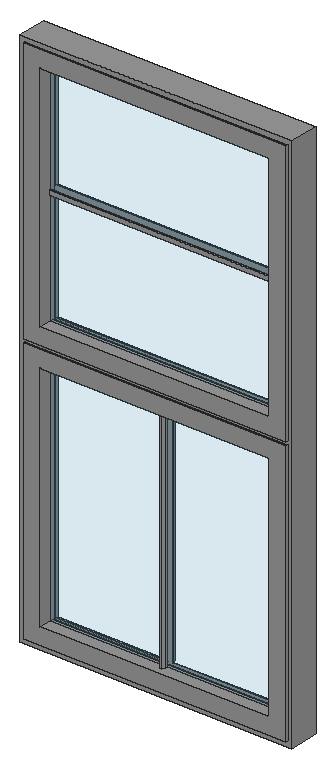
Revit family "Kawneer_Window_GT70s_Pos0081", category Windows, host Wall, Revit 2020 (continued)
Definition of nested family "Kawneer_GT70s_Pos008"
  Definition of nested family "Kawneer_GT70s_Trans8"
    Lines and regions (mm)
      model lines, in view "Ref. Level", detail levels fine
        curve 200: arc (10.872, -4.384, 0) -> (11.761, -3.647, 0) -> (12.094, -2.542, 0) r 2
        curve 201: arc (5.2, -55.901, 0) -> (5.141, -55.76, 0) -> (5, -55.701, 0) r 0.2
        curve 202: arc (5.2, -57.001, 0) -> (5.259, -57.143, 0) -> (5.4, -57.201, 0) r 0.2
        curve 203: arc (5.6, -57.401, 0) -> (5.541, -57.26, 0) -> (5.4, -57.201, 0) r 0.2
        curve 204: arc (5.4, -68.901, 0) -> (5.541, -68.843, 0) -> (5.6, -68.701, 0) r 0.2
        curve 205: arc (5.4, -68.901, 0) -> (5.259, -68.96, 0) -> (5.2, -69.101, 0) r 0.2
        curve 206: arc (5, -70.401, 0) -> (5.141, -70.343, 0) -> (5.2, -70.201, 0) r 0.2
        curve 207: arc (3.9, -70.401, 0) -> (3.759, -70.46, 0) -> (3.7, -70.601, 0) r 0.2
        curve 208: arc (3.5, -70.801, 0) -> (3.641, -70.743, 0) -> (3.7, -70.601, 0) r 0.2
        curve 209: arc (-3.7, -70.601, 0) -> (-3.641, -70.743, 0) -> (-3.5, -70.801, 0) r 0.2
        curve 210: arc (-3.7, -70.601, 0) -> (-3.759, -70.46, 0) -> (-3.9, -70.401, 0) r 0.2
        curve 211: arc (-5.2, -70.201, 0) -> (-5.141, -70.343, 0) -> (-5, -70.401, 0) r 0.2
        curve 212: arc (-5.2, -69.201, 0) -> (-5.259, -69.06, 0) -> (-5.4, -69.001, 0) r 0.2
        curve 213: arc (-5.6, -68.801, 0) -> (-5.541, -68.943, 0) -> (-5.4, -69.001, 0) r 0.2
        curve 214: arc (-5.4, -57.101, 0) -> (-5.541, -57.16, 0) -> (-5.6, -57.301, 0) r 0.2
        curve 215: arc (-5.4, -57.101, 0) -> (-5.259, -57.043, 0) -> (-5.2, -56.901, 0) r 0.2
        curve 216: arc (-5, -55.701, 0) -> (-5.141, -55.76, 0) -> (-5.2, -55.901, 0) r 0.2
        curve 217: arc (-3.9, -55.701, 0) -> (-3.759, -55.643, 0) -> (-3.7, -55.501, 0) r 0.2
        curve 218: arc (-3.5, -55.301, 0) -> (-3.641, -55.36, 0) -> (-3.7, -55.501, 0) r 0.2
        curve 219: arc (3.7, -55.501, 0) -> (3.641, -55.36, 0) -> (3.5, -55.301, 0) r 0.2
        curve 220: arc (3.7, -55.501, 0) -> (3.759, -55.643, 0) -> (3.9, -55.701, 0) r 0.2
        curve 221: arc (-13.686, -78.352, 0) -> (-13.94, -78.24, 0) -> (-14.214, -78.201, 0) r 1
        curve 222: arc (-25, -77.701, 0) -> (-24.854, -78.055, 0) -> (-24.5, -78.201, 0) r 0.5
        curve 223: arc (-24.5, -73.301, 0) -> (-24.854, -73.448, 0) -> (-25, -73.801, 0) r 0.5
        curve 224: arc (25, -73.801, 0) -> (24.854, -73.448, 0) -> (24.5, -73.301, 0) r 0.5
        curve 225: arc (24.5, -78.201, 0) -> (24.854, -78.055, 0) -> (25, -77.701, 0) r 0.5
        curve 226: arc (14.214, -78.201, 0) -> (13.686, -78.352, 0) -> (13.318, -78.758, 0) r 1
        curve 227: arc (3.386, -98.201, 0) -> (3.65, -98.126, 0) -> (3.835, -97.923, 0) r 0.5
        curve 228: arc (-3.835, -97.923, 0) -> (-3.65, -98.126, 0) -> (-3.386, -98.201, 0) r 0.5
        curve 229: arc (-13.318, -78.758, 0) -> (-13.474, -78.529, 0) -> (-13.686, -78.352, 0) r 1
        curve 230: arc (25.5, -80.201, 0) -> (26.561, -79.762, 0) -> (27, -78.701, 0) r 1.5
        curve 231: arc (27, -68.701, 0) -> (26.854, -68.348, 0) -> (26.5, -68.201, 0) r 0.5
        curve 232: arc (25, -68.201, 0) -> (24.646, -68.348, 0) -> (24.5, -68.701, 0) r 0.5
        curve 233: arc (24.5, -69.001, 0) -> (24.559, -69.143, 0) -> (24.7, -69.201, 0) r 0.2
        curve 234: arc (25.8, -69.701, 0) -> (25.654, -69.348, 0) -> (25.3, -69.201, 0) r 0.5
        curve 235: arc (25.3, -70.801, 0) -> (25.654, -70.655, 0) -> (25.8, -70.301, 0) r 0.5
        curve 236: arc (20.2, -70.301, 0) -> (20.346, -70.655, 0) -> (20.7, -70.801, 0) r 0.5
        curve 237: arc (20.7, -69.201, 0) -> (20.346, -69.348, 0) -> (20.2, -69.701, 0) r 0.5
        curve 238: arc (21.3, -69.201, 0) -> (21.441, -69.143, 0) -> (21.5, -69.001, 0) r 0.2
        curve 239: arc (21.5, -68.701, 0) -> (21.354, -68.348, 0) -> (21, -68.201, 0) r 0.5
        curve 240: arc (17.9, -68.201, 0) -> (17.5, -68.601, 0) -> (17.9, -69.001, 0) r 0.4
        curve 241: arc (19, -69.201, 0) -> (18.941, -69.06, 0) -> (18.8, -69.001, 0) r 0.2
        curve 242: arc (18.5, -70.601, 0) -> (18.854, -70.455, 0) -> (19, -70.101, 0) r 0.5
        curve 243: arc (7, -69.901, 0) -> (7.146, -70.255, 0) -> (7.5, -70.401, 0) r 0.5
        curve 244: arc (7.5, -55.901, 0) -> (7.146, -56.048, 0) -> (7, -56.401, 0) r 0.5
        curve 245: arc (10.5, -56.101, 0) -> (10.441, -55.96, 0) -> (10.3, -55.901, 0) r 0.2
        curve 246: arc (10.5, -57.301, 0) -> (10.559, -57.443, 0) -> (10.7, -57.501, 0) r 0.2
        curve 247: arc (10.7, -57.501, 0) -> (11.266, -57.267, 0) -> (11.5, -56.701, 0) r 0.8
        curve 248: arc (11.5, -53.501, 0) -> (11, -53.001, 0) -> (10.5, -53.501, 0) r 0.5
        curve 249: arc (10.2, -54.401, 0) -> (10.412, -54.313, 0) -> (10.5, -54.101, 0) r 0.3
        curve 250: arc (7, -53.701, 0) -> (7.205, -54.196, 0) -> (7.7, -54.401, 0) r 0.7
        curve 251: arc (7, -50.835, 0) -> (6.85, -50.575, 0) -> (6.55, -50.575, 0) r 0.3
        curve 252: arc (4.82, -51.574, 0) -> (4.712, -51.835, 0) -> (4.973, -51.943, 0) r 0.2
        curve 253: arc (5.402, -53.701, 0) -> (5.568, -53.612, 0) -> (5.587, -53.425, 0) r 0.2
        curve 254: arc (1.6, -53.501, 0) -> (1.659, -53.643, 0) -> (1.8, -53.701, 0) r 0.2
        curve 255: arc (2.385, -51.601, 0) -> (2.585, -51.401, 0) -> (2.385, -51.201, 0) r 0.2
        curve 256: arc (2.039, -51.201, 0) -> (1.121, -51.345, 0) -> (0.291, -51.763, 0) r 3
        curve 257: arc (-0.291, -51.763, 0) -> (0, -51.856, 0) -> (0.291, -51.763, 0) r 0.5
        curve 258: arc (-0.291, -51.763, 0) -> (-1.121, -51.345, 0) -> (-2.039, -51.201, 0) r 3
        curve 259: arc (-2.385, -51.201, 0) -> (-2.585, -51.401, 0) -> (-2.385, -51.601, 0) r 0.2
        curve 260: arc (-1.8, -53.701, 0) -> (-1.659, -53.643, 0) -> (-1.6, -53.501, 0) r 0.2
        curve 261: arc (-5.587, -53.425, 0) -> (-5.568, -53.612, 0) -> (-5.402, -53.701, 0) r 0.2
        curve 262: arc (-4.973, -51.943, 0) -> (-4.712, -51.835, 0) -> (-4.82, -51.574, 0) r 0.2
        curve 263: arc (-6.55, -50.575, 0) -> (-6.85, -50.575, 0) -> (-7, -50.835, 0) r 0.3
        curve 264: arc (-7.7, -54.401, 0) -> (-7.205, -54.196, 0) -> (-7, -53.701, 0) r 0.7
        curve 265: arc (-10.5, -54.101, 0) -> (-10.412, -54.313, 0) -> (-10.2, -54.401, 0) r 0.3
        curve 266: arc (-10.5, -53.501, 0) -> (-11, -53.001, 0) -> (-11.5, -53.501, 0) r 0.5
        curve 267: arc (-11.5, -56.701, 0) -> (-11.266, -57.267, 0) -> (-10.7, -57.501, 0) r 0.8
        curve 268: arc (-10.7, -57.501, 0) -> (-10.559, -57.443, 0) -> (-10.5, -57.301, 0) r 0.2
        curve 269: arc (-10.3, -55.901, 0) -> (-10.441, -55.96, 0) -> (-10.5, -56.101, 0) r 0.2
        curve 270: arc (-7, -56.401, 0) -> (-7.146, -56.048, 0) -> (-7.5, -55.901, 0) r 0.5
        curve 271: arc (-7.5, -70.401, 0) -> (-7.146, -70.255, 0) -> (-7, -69.901, 0) r 0.5
        curve 272: arc (-19, -70.101, 0) -> (-18.854, -70.455, 0) -> (-18.5, -70.601, 0) r 0.5
        curve 273: arc (-18.8, -69.001, 0) -> (-18.941, -69.06, 0) -> (-19, -69.201, 0) r 0.2
        curve 274: arc (-17.9, -69.001, 0) -> (-17.5, -68.601, 0) -> (-17.9, -68.201, 0) r 0.4
        curve 275: arc (-21, -68.201, 0) -> (-21.354, -68.348, 0) -> (-21.5, -68.701, 0) r 0.5
        curve 276: arc (-21.5, -69.001, 0) -> (-21.441, -69.143, 0) -> (-21.3, -69.201, 0) r 0.2
        curve 277: arc (-20.2, -69.701, 0) -> (-20.346, -69.348, 0) -> (-20.7, -69.201, 0) r 0.5
        curve 278: arc (-20.7, -70.801, 0) -> (-20.346, -70.655, 0) -> (-20.2, -70.301, 0) r 0.5
        curve 279: arc (-25.8, -70.301, 0) -> (-25.654, -70.655, 0) -> (-25.3, -70.801, 0) r 0.5
        curve 280: arc (-25.3, -69.201, 0) -> (-25.654, -69.348, 0) -> (-25.8, -69.701, 0) r 0.5
        curve 281: arc (-24.7, -69.201, 0) -> (-24.559, -69.143, 0) -> (-24.5, -69.001, 0) r 0.2
        curve 282: arc (-24.5, -68.701, 0) -> (-24.646, -68.348, 0) -> (-25, -68.201, 0) r 0.5
        curve 283: arc (-26.5, -68.201, 0) -> (-26.854, -68.348, 0) -> (-27, -68.701, 0) r 0.5
        curve 284: arc (-27, -78.701, 0) -> (-26.561, -79.762, 0) -> (-25.5, -80.201, 0) r 1.5
        curve 285: arc (-14.997, -80.286, 0) -> (-15.13, -80.223, 0) -> (-15.275, -80.201, 0) r 0.5
        curve 286: arc (-14.813, -80.51, 0) -> (-14.889, -80.384, 0) -> (-14.997, -80.286, 0) r 0.5
        curve 287: arc (-5.051, -104.078, 0) -> (-4.977, -104.168, 0) -> (-4.866, -104.201, 0) r 0.2
        curve 288: arc (4.866, -104.201, 0) -> (4.977, -104.168, 0) -> (5.051, -104.078, 0) r 0.2
        curve 289: arc (15.275, -80.201, 0) -> (14.997, -80.286, 0) -> (14.813, -80.51, 0) r 0.5
        curve 290: arc (41.999, -70, 0) -> (42.037, -70.191, 0) -> (42.146, -70.354, 0) r 0.5
        curve 291: arc (41.999, -67.8, 0) -> (41.413, -66.386, 0) -> (39.999, -65.8, 0) r 2
        curve 292: arc (35.099, -65.6, 0) -> (35.158, -65.741, 0) -> (35.299, -65.8, 0) r 0.2
        curve 293: arc (35.299, -58.4, 0) -> (35.158, -58.459, 0) -> (35.099, -58.6, 0) r 0.2
        curve 294: arc (45.499, -58.6, 0) -> (45.441, -58.459, 0) -> (45.299, -58.4, 0) r 0.2
        curve 295: arc (44.999, -70.5, 0) -> (45.353, -70.354, 0) -> (45.499, -70, 0) r 0.5
        curve 296: arc (42.146, -70.354, 0) -> (42.308, -70.462, 0) -> (42.499, -70.5, 0) r 0.5
        curve 297: arc (39.499, -70.5, 0) -> (39.308, -70.538, 0) -> (39.146, -70.646, 0) r 0.5
        curve 298: arc (39.146, -70.646, 0) -> (39.037, -70.809, 0) -> (38.999, -71, 0) r 0.5
        curve 299: arc (38.999, -71.5, 0) -> (39.146, -71.854, 0) -> (39.499, -72, 0) r 0.5
        curve 300: arc (66.499, -72, 0) -> (66.853, -71.854, 0) -> (66.999, -71.5, 0) r 0.5
        curve 301: arc (66.999, -68.5, 0) -> (66.853, -68.146, 0) -> (66.499, -68, 0) r 0.5
        curve 302: arc (64.999, -68, 0) -> (64.646, -68.146, 0) -> (64.499, -68.5, 0) r 0.5
        curve 303: arc (64.499, -68.8, 0) -> (64.558, -68.941, 0) -> (64.699, -69, 0) r 0.2
        curve 304: arc (65.799, -69.5, 0) -> (65.653, -69.146, 0) -> (65.299, -69, 0) r 0.5
        curve 305: arc (65.299, -70.6, 0) -> (65.653, -70.454, 0) -> (65.799, -70.1, 0) r 0.5
        curve 306: arc (60.199, -70.1, 0) -> (60.346, -70.454, 0) -> (60.699, -70.6, 0) r 0.5
        curve 307: arc (60.699, -69, 0) -> (60.346, -69.146, 0) -> (60.199, -69.5, 0) r 0.5
        curve 308: arc (61.299, -69, 0) -> (61.441, -68.941, 0) -> (61.499, -68.8, 0) r 0.2
        curve 309: arc (61.499, -68.5, 0) -> (61.353, -68.146, 0) -> (60.999, -68, 0) r 0.5
        curve 310: arc (57.899, -68, 0) -> (57.499, -68.4, 0) -> (57.899, -68.8, 0) r 0.4
        curve 311: arc (58.999, -69, 0) -> (58.941, -68.859, 0) -> (58.799, -68.8, 0) r 0.2
        curve 312: arc (58.499, -70.4, 0) -> (58.853, -70.254, 0) -> (58.999, -69.9, 0) r 0.5
        curve 313: arc (46.999, -69.711, 0) -> (47.142, -70.061, 0) -> (47.488, -70.211, 0) r 0.5
        curve 314: arc (46.999, -53.933, 0) -> (46.849, -53.673, 0) -> (46.549, -53.673, 0) r 0.3
        curve 315: arc (44.819, -54.672, 0) -> (44.711, -54.934, 0) -> (44.972, -55.042, 0) r 0.2
        curve 316: arc (45.401, -56.8, 0) -> (45.567, -56.711, 0) -> (45.586, -56.523, 0) r 0.2
        curve 317: arc (41.6, -56.581, 0) -> (41.651, -56.735, 0) -> (41.799, -56.8, 0) r 0.2
        curve 318: arc (42.386, -54.698, 0) -> (42.615, -54.515, 0) -> (42.415, -54.3, 0) r 0.2
        curve 319: arc (42.038, -54.3, 0) -> (40.86, -54.541, 0) -> (39.871, -55.225, 0) r 3
        curve 320: arc (38.427, -55.225, 0) -> (39.149, -55.533, 0) -> (39.871, -55.225, 0) r 1
        curve 321: arc (38.427, -55.225, 0) -> (37.438, -54.541, 0) -> (36.26, -54.3, 0) r 3
        curve 322: arc (35.883, -54.3, 0) -> (35.684, -54.515, 0) -> (35.913, -54.698, 0) r 0.2
        curve 323: arc (36.495, -56.8, 0) -> (36.639, -56.743, 0) -> (36.699, -56.6, 0) r 0.2
        curve 324: arc (32.713, -56.523, 0) -> (32.732, -56.713, 0) -> (32.901, -56.8, 0) r 0.2
        curve 325: arc (33.326, -55.042, 0) -> (33.588, -54.934, 0) -> (33.479, -54.672, 0) r 0.2
        curve 326: arc (31.749, -53.673, 0) -> (31.449, -53.673, 0) -> (31.299, -53.933, 0) r 0.3
        curve 327: arc (31.13, -57.426, 0) -> (31.251, -57.359, 0) -> (31.299, -57.228, 0) r 0.2
        curve 328: arc (30.262, -57.588, 0) -> (30.145, -57.657, 0) -> (30.099, -57.785, 0) r 0.2
        curve 329: arc (30.099, -58.4, 0) -> (30.158, -58.541, 0) -> (30.299, -58.6, 0) r 0.2
        curve 330: arc (33.599, -59.1, 0) -> (33.453, -58.746, 0) -> (33.099, -58.6, 0) r 0.5
        curve 331: arc (33.099, -65.8, 0) -> (33.453, -65.654, 0) -> (33.599, -65.3, 0) r 0.5
        curve 332: arc (31.699, -65.8, 0) -> (31.346, -65.946, 0) -> (31.199, -66.3, 0) r 0.5
        curve 333: arc (31.199, -66.8, 0) -> (31.346, -67.154, 0) -> (31.699, -67.3, 0) r 0.5
        curve 334: arc (40.499, -67.8, 0) -> (40.353, -67.446, 0) -> (39.999, -67.3, 0) r 0.5
        curve 335: arc (39.999, -70.5, 0) -> (40.353, -70.354, 0) -> (40.499, -70, 0) r 0.5
        curve 336: arc (30, 6.5, 0) -> (29.859, 6.441, 0) -> (29.8, 6.3, 0) r 0.2
        curve 337: arc (45.2, 6.3, 0) -> (45.141, 6.441, 0) -> (45, 6.5, 0) r 0.2
        curve 338: arc (45.2, 5.187, 0) -> (45.242, 5.065, 0) -> (45.35, 4.994, 0) r 0.2
        curve 339: arc (45.5, 4.8, 0) -> (45.458, 4.922, 0) -> (45.35, 4.994, 0) r 0.2
        curve 340: arc (45.35, -18.506, 0) -> (45.458, -18.435, 0) -> (45.5, -18.313, 0) r 0.2
        curve 341: arc (45.35, -18.506, 0) -> (45.242, -18.578, 0) -> (45.2, -18.7, 0) r 0.2
        curve 342: arc (45, -20, 0) -> (45.141, -19.941, 0) -> (45.2, -19.8, 0) r 0.2
        curve 343: arc (43.873, -20, 0) -> (43.773, -20.027, 0) -> (43.7, -20.1, 0) r 0.2
        curve 344: arc (43.527, -20.2, 0) -> (43.627, -20.173, 0) -> (43.7, -20.1, 0) r 0.2
        curve 345: arc (31.8, -20.1, 0) -> (31.858, -20.172, 0) -> (31.947, -20.2, 0) r 0.16
        curve 346: arc (31.8, -20.1, 0) -> (31.727, -20.027, 0) -> (31.627, -20, 0) r 0.2
        curve 347: arc (29.8, -19.8, 0) -> (29.859, -19.941, 0) -> (30, -20, 0) r 0.2
        curve 348: arc (8, 8, 0) -> (6.586, 7.414, 0) -> (6, 6, 0) r 2
        curve 349: arc (6, 4.5, 0) -> (6.146, 4.146, 0) -> (6.5, 4, 0) r 0.5
        curve 350: arc (7.926, 4.001, 0) -> (8.263, 4.156, 0) -> (8.4, 4.5, 0) r 0.5
        curve 351: arc (8.4, 4.8, 0) -> (8.341, 4.941, 0) -> (8.2, 5, 0) r 0.2
        curve 352: arc (7.2, 5.5, 0) -> (7.346, 5.146, 0) -> (7.7, 5, 0) r 0.5
        curve 353: arc (7.7, 6.6, 0) -> (7.346, 6.454, 0) -> (7.2, 6.1, 0) r 0.5
        curve 354: arc (12.3, 6.1, 0) -> (12.154, 6.454, 0) -> (11.8, 6.6, 0) r 0.5
        curve 355: arc (11.8, 5, 0) -> (12.154, 5.146, 0) -> (12.3, 5.5, 0) r 0.5
        curve 356: arc (11.5, 5, 0) -> (11.359, 4.941, 0) -> (11.3, 4.8, 0) r 0.2
        curve 357: arc (11.3, 4.5, 0) -> (11.446, 4.146, 0) -> (11.8, 4, 0) r 0.5
        curve 358: arc (12.626, 4.001, 0) -> (12.963, 4.156, 0) -> (13.1, 4.5, 0) r 0.5
        curve 359: arc (13.6, 6.2, 0) -> (13.246, 6.054, 0) -> (13.1, 5.7, 0) r 0.5
        curve 360: arc (28, 4.7, 0) -> (27.561, 5.761, 0) -> (26.5, 6.2, 0) r 1.5
        curve 361: arc (27.5, 2, 0) -> (27.854, 2.146, 0) -> (28, 2.5, 0) r 0.5
        curve 362: arc (24, 2, 0) -> (23.646, 1.854, 0) -> (23.5, 1.5, 0) r 0.5
        curve 363: arc (23.5, -2, 0) -> (23.646, -2.354, 0) -> (24, -2.5, 0) r 0.5
        curve 364: arc (24.5, -2.5, 0) -> (24.854, -2.354, 0) -> (25, -2, 0) r 0.5
        curve 365: arc (25.5, 0, 0) -> (25.146, -0.146, 0) -> (25, -0.5, 0) r 0.5
        curve 366: arc (28.154, -0.26, 0) -> (28.112, 0.112, 0) -> (27.74, 0.154, 0) r 0.3
        curve 367: arc (28.154, -0.26, 0) -> (28.039, -0.515, 0) -> (28, -0.793, 0) r 1
        curve 368: arc (28, -19.207, 0) -> (28.039, -19.485, 0) -> (28.154, -19.74, 0) r 1
        curve 369: arc (27.74, -20.154, 0) -> (28.112, -20.112, 0) -> (28.154, -19.74, 0) r 0.3
        curve 370: arc (27.74, -20.154, 0) -> (27.485, -20.039, 0) -> (27.207, -20, 0) r 1
        curve 371: arc (25, -19.5, 0) -> (25.146, -19.854, 0) -> (25.5, -20, 0) r 0.5
        curve 372: arc (25, -18, 0) -> (24.854, -17.646, 0) -> (24.5, -17.5, 0) r 0.5
        curve 373: arc (24, -17.5, 0) -> (23.646, -17.646, 0) -> (23.5, -18, 0) r 0.5
        curve 374: arc (23.5, -21.5, 0) -> (23.646, -21.854, 0) -> (24, -22, 0) r 0.5
        curve 375: arc (29.654, -22, 0) -> (29.754, -21.973, 0) -> (29.827, -21.9, 0) r 0.2
        curve 376: arc (30, -21.8, 0) -> (29.9, -21.827, 0) -> (29.827, -21.9, 0) r 0.2
        curve 377: arc (31.3, -22.3, 0) -> (31.154, -21.946, 0) -> (30.8, -21.8, 0) r 0.5
        curve 378: arc (31.3, -24.667, 0) -> (31.45, -24.927, 0) -> (31.75, -24.927, 0) r 0.3
        curve 379: arc (33.48, -23.928, 0) -> (33.588, -23.666, 0) -> (33.327, -23.558, 0) r 0.2
        curve 380: arc (32.899, -21.8, 0) -> (32.732, -21.889, 0) -> (32.713, -22.077, 0) r 0.2
        curve 381: arc (36.7, -22.001, 0) -> (36.642, -21.859, 0) -> (36.5, -21.8, 0) r 0.2
        curve 382: arc (35.914, -23.902, 0) -> (35.684, -24.085, 0) -> (35.884, -24.3, 0) r 0.2
        curve 383: arc (36.261, -24.3, 0) -> (37.439, -24.059, 0) -> (38.428, -23.375, 0) r 3
        curve 384: arc (39.872, -23.375, 0) -> (39.15, -23.067, 0) -> (38.428, -23.375, 0) r 1
        curve 385: arc (39.872, -23.375, 0) -> (40.861, -24.059, 0) -> (42.039, -24.3, 0) r 3
        curve 386: arc (42.416, -24.3, 0) -> (42.615, -24.082, 0) -> (42.381, -23.903, 0) r 0.2
        curve 387: arc (41.8, -21.8, 0) -> (41.659, -21.859, 0) -> (41.6, -22, 0) r 0.2
        curve 388: arc (45.586, -22.077, 0) -> (45.568, -21.889, 0) -> (45.402, -21.8, 0) r 0.2
        curve 389: arc (44.973, -23.558, 0) -> (44.712, -23.666, 0) -> (44.82, -23.928, 0) r 0.2
        curve 390: arc (46.55, -24.927, 0) -> (46.85, -24.927, 0) -> (47, -24.667, 0) r 0.3
        curve 391: arc (47.5, -10, 0) -> (47.146, -10.146, 0) -> (47, -10.5, 0) r 0.5
        curve 392: arc (50.8, -10, 0) -> (51.507, -9.707, 0) -> (51.8, -9, 0) r 1
        curve 393: arc (51.8, -7.839, 0) -> (51.526, -6.884, 0) -> (50.787, -6.22, 0) r 1.8
        curve 394: arc (50.787, -6.22, 0) -> (50.594, -6.23, 0) -> (50.5, -6.4, 0) r 0.2
        curve 395: arc (50, -8.3, 0) -> (50.354, -8.154, 0) -> (50.5, -7.8, 0) r 0.5
        curve 396: arc (47, -7.8, 0) -> (47.146, -8.154, 0) -> (47.5, -8.3, 0) r 0.5
        curve 397: arc (47.5, 6.2, 0) -> (47.146, 6.054, 0) -> (47, 5.7, 0) r 0.5
        curve 398: arc (50.5, 5.7, 0) -> (50.354, 6.054, 0) -> (50, 6.2, 0) r 0.5
        curve 399: arc (50.5, 4, 0) -> (50.589, 3.833, 0) -> (50.778, 3.816, 0) r 0.2
        curve 400: arc (50.739, 3.8, 0) -> (51.655, 4.536, 0) -> (52, 5.658, 0) r 2
        curve 401: arc (52, 7, 0) -> (51.707, 7.707, 0) -> (51, 8, 0) r 1
        curve 402: arc (45.303, -48.516, 0) -> (45.488, -43.91, 0) -> (45.55, -39.3, 0) r 172.47
        curve 403: arc (44.605, -50.286, 0) -> (45.098, -49.458, 0) -> (45.303, -48.516, 0) r 3.002
        curve 404: arc (43.22, -51.936, 0) -> (42.699, -52.839, 0) -> (42.519, -53.867, 0) r 2.996
        curve 405: arc (42.451, -54.576, 0) -> (42.501, -54.457, 0) -> (42.519, -54.329, 0) r 0.5
        curve 406: arc (41.6, -56.6, 0) -> (41.659, -56.741, 0) -> (41.8, -56.8, 0) r 0.2
        curve 407: arc (42.821, -56.8, 0) -> (43.08, -56.65, 0) -> (43.08, -56.35, 0) r 0.3
        curve 408: arc (44.12, -56.35, 0) -> (43.6, -55.45, 0) -> (43.08, -56.35, 0) r 0.6
        curve 409: arc (44.12, -56.35, 0) -> (44.12, -56.65, 0) -> (44.379, -56.8, 0) r 0.3
        curve 410: arc (45.2, -56.8, 0) -> (45.341, -56.741, 0) -> (45.4, -56.6, 0) r 0.2
        curve 411: arc (45.645, -53.201, 0) -> (45.114, -53.72, 0) -> (44.897, -54.429, 0) r 1.5
        curve 412: arc (46.45, -52.736, 0) -> (46.816, -52.37, 0) -> (46.95, -51.87, 0) r 1
        curve 413: arc (46.95, -26.73, 0) -> (46.816, -26.23, 0) -> (46.45, -25.864, 0) r 1
        curve 414: arc (44.897, -24.171, 0) -> (45.114, -24.88, 0) -> (45.645, -25.399, 0) r 1.5
        curve 415: arc (45.4, -22, 0) -> (45.341, -21.859, 0) -> (45.2, -21.8, 0) r 0.2
        curve 416: arc (44.379, -21.8, 0) -> (44.12, -21.95, 0) -> (44.12, -22.25, 0) r 0.3
        curve 417: arc (43.08, -22.25, 0) -> (43.6, -23.15, 0) -> (44.12, -22.25, 0) r 0.6
        curve 418: arc (43.08, -22.25, 0) -> (43.08, -21.95, 0) -> (42.821, -21.8, 0) r 0.3
        curve 419: arc (41.764, -21.803, 0) -> (41.66, -21.813, 0) -> (41.6, -21.9, 0) r 0.124
        curve 420: arc (42.519, -24.271, 0) -> (42.502, -24.144, 0) -> (42.452, -24.026, 0) r 0.5
        curve 421: arc (42.519, -24.737, 0) -> (42.672, -25.773, 0) -> (43.221, -26.665, 0) r 2.599
        curve 422: arc (45.303, -30.083, 0) -> (45.095, -29.143, 0) -> (44.605, -28.315, 0) r 3.049
        curve 423: arc (45.536, -37.094, 0) -> (45.455, -33.587, 0) -> (45.303, -30.083, 0) r 172.05
        curve 424: arc (45.036, -37.6, 0) -> (45.392, -37.451, 0) -> (45.536, -37.094, 0) r 0.5
        curve 425: arc (36.75, -37.6, 0) -> (36.326, -37.776, 0) -> (36.15, -38.2, 0) r 0.6
        curve 426: arc (36.15, -38.2, 0) -> (36.326, -38.624, 0) -> (36.75, -38.8, 0) r 0.6
        curve 427: arc (45.55, -39.3, 0) -> (45.404, -38.946, 0) -> (45.05, -38.8, 0) r 0.5
        curve 428: arc (25.347, -45.299, 0) -> (25.787, -46.359, 0) -> (26.847, -46.799, 0) r 1.5
        curve 429: arc (26.347, -37.899, 0) -> (25.64, -38.192, 0) -> (25.347, -38.899, 0) r 1
        curve 430: arc (30.727, -38.311, 0) -> (30.372, -38.008, 0) -> (29.918, -37.899, 0) r 1
        curve 431: arc (32.047, -40.454, 0) -> (31.998, -40.145, 0) -> (31.856, -39.866, 0) r 1
        curve 432: arc (30.547, -46.799, 0) -> (31.608, -46.359, 0) -> (32.047, -45.299, 0) r 1.5
        curve 433: arc (30.323, -37.199, 0) -> (30.706, -37.123, 0) -> (31.03, -36.906, 0) r 1
        curve 434: arc (25.347, -36.199, 0) -> (25.64, -36.906, 0) -> (26.347, -37.199, 0) r 1
        curve 435: arc (26.847, -28.299, 0) -> (25.787, -28.738, 0) -> (25.347, -29.799, 0) r 1.5
        curve 436: arc (32.047, -29.799, 0) -> (31.608, -28.738, 0) -> (30.547, -28.299, 0) r 1.5
        curve 437: arc (31.754, -36.182, 0) -> (31.971, -35.857, 0) -> (32.047, -35.474, 0) r 1
        curve 438: arc (31.347, -48.799, 0) -> (31.054, -48.092, 0) -> (30.347, -47.799, 0) r 1
        curve 439: arc (31.347, -51.87, 0) -> (31.481, -52.37, 0) -> (31.847, -52.736, 0) r 1
        curve 440: arc (33.401, -54.429, 0) -> (33.183, -53.72, 0) -> (32.652, -53.201, 0) r 1.5
        curve 441: arc (32.897, -56.6, 0) -> (32.956, -56.741, 0) -> (33.097, -56.8, 0) r 0.2
        curve 442: arc (33.918, -56.8, 0) -> (34.178, -56.65, 0) -> (34.178, -56.35, 0) r 0.3
        curve 443: arc (35.217, -56.35, 0) -> (34.697, -55.448, 0) -> (34.178, -56.35, 0) r 0.601
        curve 444: arc (35.217, -56.35, 0) -> (35.217, -56.65, 0) -> (35.477, -56.8, 0) r 0.3
        curve 445: arc (36.497, -56.8, 0) -> (36.639, -56.741, 0) -> (36.697, -56.6, 0) r 0.2
        curve 446: arc (35.778, -54.33, 0) -> (35.796, -54.456, 0) -> (35.845, -54.574, 0) r 0.5
        curve 447: arc (35.778, -53.863, 0) -> (35.598, -52.838, 0) -> (35.077, -51.936, 0) r 2.996
        curve 448: arc (33.047, -48.425, 0) -> (33.228, -49.451, 0) -> (33.749, -50.353, 0) r 3
        curve 449: arc (33.547, -40.999, 0) -> (33.194, -41.145, 0) -> (33.047, -41.499, 0) r 0.5
        curve 450: arc (41.347, -40.999, 0) -> (41.947, -40.399, 0) -> (41.347, -39.799, 0) r 0.6
        curve 451: arc (32.894, -39.593, 0) -> (33.071, -39.744, 0) -> (33.298, -39.799, 0) r 0.5
        curve 452: arc (32.549, -36.86, 0) -> (31.974, -37.65, 0) -> (32.176, -38.605, 0) r 1.2
        curve 453: arc (32.549, -36.86, 0) -> (32.914, -36.493, 0) -> (33.047, -35.993, 0) r 1
        curve 454: arc (33.749, -28.247, 0) -> (33.229, -29.148, 0) -> (33.047, -30.173, 0) r 3
        curve 455: arc (35.077, -26.664, 0) -> (35.598, -25.762, 0) -> (35.778, -24.737, 0) r 2.996
        curve 456: arc (35.845, -24.026, 0) -> (35.796, -24.144, 0) -> (35.778, -24.27, 0) r 0.5
        curve 457: arc (36.697, -22, 0) -> (36.639, -21.859, 0) -> (36.497, -21.8, 0) r 0.2
        curve 458: arc (35.482, -21.8, 0) -> (35.218, -21.948, 0) -> (35.217, -22.25, 0) r 0.3
        curve 459: arc (34.178, -22.25, 0) -> (34.697, -23.173, 0) -> (35.217, -22.25, 0) r 0.608
        curve 460: arc (34.178, -22.25, 0) -> (34.178, -21.95, 0) -> (33.918, -21.8, 0) r 0.3
        curve 461: arc (33.097, -21.8, 0) -> (32.956, -21.859, 0) -> (32.897, -22, 0) r 0.2
        curve 462: arc (32.652, -25.399, 0) -> (33.183, -24.88, 0) -> (33.401, -24.171, 0) r 1.5
        curve 463: arc (31.847, -25.864, 0) -> (31.508, -26.186, 0) -> (31.353, -26.626, 0) r 1
        curve 464: arc (30.607, -27.299, 0) -> (31.109, -27.106, 0) -> (31.353, -26.626, 0) r 0.75
        curve 465: arc (25.847, -27.299, 0) -> (24.787, -27.738, 0) -> (24.347, -28.799, 0) r 1.5
        curve 466: arc (24.347, -47.299, 0) -> (24.494, -47.652, 0) -> (24.847, -47.799, 0) r 0.5
        curve 467: arc (11.073, -47.848, 0) -> (10.911, -47.74, 0) -> (10.72, -47.702, 0) r 0.5
        curve 468: arc (9.93, -47.702, 0) -> (9.543, -47.886, 0) -> (9.44, -48.302, 0) r 0.5
        curve 469: arc (9.44, -48.302, 0) -> (9.787, -48.877, 0) -> (10.42, -49.102, 0) r 1
        curve 470: arc (10.72, -49.102, 0) -> (11.073, -48.956, 0) -> (11.22, -48.602, 0) r 0.5
        curve 471: arc (11.22, -48.202, 0) -> (11.182, -48.011, 0) -> (11.073, -47.848, 0) r 0.5
        curve 472: arc (11.22, -50.264, 0) -> (11.073, -49.911, 0) -> (10.72, -49.764, 0) r 0.5
        curve 473: arc (10.42, -49.764, 0) -> (10.066, -49.911, 0) -> (9.92, -50.264, 0) r 0.5
        curve 474: arc (9.92, -50.664, 0) -> (10.066, -51.018, 0) -> (10.42, -51.164, 0) r 0.5
        curve 475: arc (10.72, -51.164, 0) -> (11.073, -51.018, 0) -> (11.22, -50.664, 0) r 0.5
        curve 476: arc (10.367, -46.737, 0) -> (11.153, -47.121, 0) -> (11.7, -46.438, 0) r 0.7
        curve 477: arc (11.951, -45.085, 0) -> (11.778, -45.12, 0) -> (11.7, -45.279, 0) r 0.2
        curve 478: arc (12.919, -45.727, 0) -> (12.488, -45.326, 0) -> (11.951, -45.085, 0) r 1.8
        curve 479: arc (13.294, -46.826, 0) -> (13.197, -46.246, 0) -> (12.919, -45.727, 0) r 1.8
        curve 480: arc (13.429, -48.371, 0) -> (14.199, -49.78, 0) -> (15.757, -50.168, 0) r 2
        curve 481: arc (25.743, -48.466, 0) -> (25.926, -48.317, 0) -> (25.69, -48.295, 0) r 0.127
        curve 482: arc (21.349, -48.288, 0) -> (21.358, -48.839, 0) -> (21.867, -49.048, 0) r 0.5
        curve 483: arc (23.457, -47.133, 0) -> (22.255, -47.441, 0) -> (21.349, -48.288, 0) r 2.5
        curve 484: arc (27.021, -48.978, 0) -> (27.446, -47.855, 0) -> (26.486, -47.133, 0) r 1
        curve 485: arc (17.686, -53.647, 0) -> (22.397, -51.727, 0) -> (26.78, -49.145, 0) r 35
        curve 486: arc (11.75, -55.3, 0) -> (11.833, -55.462, 0) -> (12.012, -55.49, 0) r 0.2
        curve 487: arc (11.75, -52.433, 0) -> (11.074, -51.733, 0) -> (10.352, -52.387, 0) r 0.7
        curve 488: arc (7.25, -51.458, 0) -> (7.291, -51.608, 0) -> (7.4, -51.718, 0) r 0.3
        curve 489: arc (8.056, -50.238, 0) -> (7.653, -49.835, 0) -> (7.25, -50.238, 0) r 0.403
        curve 490: arc (8.056, -50.444, 0) -> (8.381, -50.769, 0) -> (8.706, -50.444, 0) r 0.325
        curve 491: arc (8.706, -49.731, 0) -> (8.616, -49.444, 0) -> (8.378, -49.261, 0) r 0.5
        curve 492: arc (7.394, -47.853, 0) -> (7.664, -48.712, 0) -> (8.378, -49.261, 0) r 1.5
        curve 493: arc (7.538, -47.364, 0) -> (7.432, -47.473, 0) -> (7.394, -47.62, 0) r 0.3
        curve 494: arc (9.464, 5.601, 0) -> (9.329, 5.548, 0) -> (9.264, 5.418, 0) r 0.2
        curve 495: arc (10.336, 5.418, 0) -> (10.271, 5.548, 0) -> (10.136, 5.601, 0) r 0.2
        curve 496: arc (10.25, 3.901, 0) -> (10.397, 3.966, 0) -> (10.449, 4.118, 0) r 0.2
        curve 497: arc (9.151, 4.118, 0) -> (9.203, 3.965, 0) -> (9.35, 3.901, 0) r 0.2
        curve 498: arc (6.525, 1.547, 0) -> (6.777, 1.016, 0) -> (7.324, 0.801, 0) r 0.8
        curve 499: arc (6.538, 2.818, 0) -> (6.507, 2.183, 0) -> (6.525, 1.547, 0) r 8.2
        curve 500: arc (6.737, 3.001, 0) -> (6.602, 2.948, 0) -> (6.538, 2.818, 0) r 0.2
        curve 501: arc (10.968, 2.808, 0) -> (11.029, 2.92, 0) -> (10.93, 3.001, 0) r 0.1
        curve 502: arc (8.354, 2.797, 0) -> (9.662, 2.548, 0) -> (10.968, 2.808, 0) r 3.48
        curve 503: arc (8.354, 2.797, 0) -> (7.438, 2.623, 0) -> (7.212, 1.718, 0) r 0.866
        curve 504: arc (7.212, 1.718, 0) -> (7.472, 1.279, 0) -> (7.888, 0.984, 0) r 1.222
        curve 505: arc (11.951, 1.423, 0) -> (11.642, 1.905, 0) -> (11.16, 1.597, 0) r 0.405
        curve 506: arc (10.268, 0.809, 0) -> (10.842, 1.058, 0) -> (11.16, 1.597, 0) r 1.009
        curve 507: arc (9.74, 0.822, 0) -> (10.004, 0.8, 0) -> (10.268, 0.809, 0) r 2.275
        curve 508: arc (9.23, 0.955, 0) -> (9.481, 0.873, 0) -> (9.74, 0.822, 0) r 2.275
        curve 509: arc (7.962, 1.851, 0) -> (8.541, 1.326, 0) -> (9.23, 0.955, 0) r 3.222
        curve 510: arc (8.107, 2.057, 0) -> (7.954, 2.011, 0) -> (7.962, 1.851, 0) r 0.13
        curve 511: arc (8.107, 2.057, 0) -> (10.85, 1.942, 0) -> (13.093, 3.524, 0) r 4.258
        curve 512: arc (13.093, 3.524, 0) -> (13.117, 3.837, 0) -> (12.85, 4.001, 0) r 0.3
        curve 513: arc (11.25, 4.201, 0) -> (11.309, 4.059, 0) -> (11.45, 4.001, 0) r 0.2
        curve 514: arc (11.685, 5.377, 0) -> (11.847, 5.54, 0) -> (11.75, 5.747, 0) r 0.2
        curve 515: arc (7.85, 5.747, 0) -> (7.753, 5.54, 0) -> (7.915, 5.377, 0) r 0.2
        curve 516: arc (8.15, 4.001, 0) -> (8.291, 4.059, 0) -> (8.35, 4.201, 0) r 0.2
        curve 517: arc (6.15, 4.001, 0) -> (5.958, 3.931, 0) -> (5.855, 3.754, 0) r 0.3
        curve 518: arc (5.855, 3.754, 0) -> (5.721, 2.624, 0) -> (5.728, 1.486, 0) r 9.161
        curve 519: arc (5.728, 1.486, 0) -> (6.232, 0.426, 0) -> (7.324, -0.005, 0) r 1.6
        curve 520: arc (10.194, -0.005, 0) -> (11.321, 0.402, 0) -> (11.951, 1.423, 0) r 1.819
        curve 521: arc (22.55, -67.9, 0) -> (22.402, -67.965, 0) -> (22.35, -68.117, 0) r 0.2
        curve 522: arc (23.549, -68.117, 0) -> (23.497, -67.965, 0) -> (23.35, -67.9, 0) r 0.2
        curve 523: arc (23.236, -69.6, 0) -> (23.371, -69.547, 0) -> (23.435, -69.417, 0) r 0.2
        curve 524: arc (24.636, -69.913, 0) -> (24.789, -69.47, 0) -> (24.466, -69.131, 0) r 0.45
        curve 525: arc (24.65, -68, 0) -> (24.438, -68.088, 0) -> (24.35, -68.3, 0) r 0.3
        curve 526: arc (27.348, -68.324, 0) -> (27.269, -68.097, 0) -> (27.049, -68, 0) r 0.3
        curve 527: arc (27.35, -72, 0) -> (28.176, -71.752, 0) -> (28.729, -71.09, 0) r 1.5
        curve 528: arc (30.697, -69.376, 0) -> (29.517, -70.008, 0) -> (28.729, -71.09, 0) r 3
        curve 529: arc (34.58, -68.317, 0) -> (34.941, -67.746, 0) -> (34.403, -67.337, 0) r 0.5
        curve 530: arc (28.842, -67.35, 0) -> (29.022, -67.686, 0) -> (29.385, -67.798, 0) r 0.5
        curve 531: arc (28.842, -67.35, 0) -> (28.356, -66.388, 0) -> (27.35, -66, 0) r 1.5
        curve 532: arc (20.35, -66, 0) -> (19.289, -66.439, 0) -> (18.85, -67.5, 0) r 1.5
        curve 533: arc (21.55, -68.3, 0) -> (21.462, -68.088, 0) -> (21.25, -68, 0) r 0.3
        curve 534: arc (18.262, -29.302, 0) -> (18.399, -29.046, 0) -> (18.371, -28.757, 0) r 0.5
        curve 535: arc (13.103, -33.254, 0) -> (13.412, -33.715, 0) -> (13.957, -33.607, 0) r 0.5
        curve 536: arc (13.603, -28.448, 0) -> (13.25, -28.595, 0) -> (13.103, -28.948, 0) r 0.5
        curve 537: arc (18.371, -28.757, 0) -> (18.187, -28.532, 0) -> (17.909, -28.448, 0) r 0.5
        curve 538: arc (13.603, -38.789, 0) -> (13.25, -38.936, 0) -> (13.103, -39.289, 0) r 0.5
        curve 539: arc (18.409, -39.289, 0) -> (18.262, -38.936, 0) -> (17.909, -38.789, 0) r 0.5
        curve 540: arc (17.909, -41.454, 0) -> (18.262, -41.308, 0) -> (18.409, -40.954, 0) r 0.5
        curve 541: arc (13.103, -40.954, 0) -> (13.25, -41.308, 0) -> (13.603, -41.454, 0) r 0.5
        curve 542: arc (17.909, -37.289, 0) -> (18.1, -37.251, 0) -> (18.262, -37.143, 0) r 0.5
        curve 543: arc (13.25, -36.436, 0) -> (13.141, -36.98, 0) -> (13.603, -37.289, 0) r 0.5
        curve 544: arc (18.409, -32.484, 0) -> (18.1, -32.022, 0) -> (17.555, -32.13, 0) r 0.5
        curve 545: arc (18.262, -37.143, 0) -> (18.371, -36.98, 0) -> (18.409, -36.789, 0) r 0.5
        curve 546: arc (20.492, -35.571, 0) -> (20.159, -35.374, 0) -> (19.909, -35.67, 0) r 0.3
        curve 547: arc (20.492, -35.571, 0) -> (20.547, -35.654, 0) -> (20.635, -35.7, 0) r 0.2
        curve 548: arc (22.04, -36.033, 0) -> (22.395, -35.831, 0) -> (22.218, -35.462, 0) r 0.3
        curve 549: arc (19.909, -34.443, 0) -> (19.948, -34.547, 0) -> (20.036, -34.614, 0) r 0.2
        curve 550: arc (20.492, -29.071, 0) -> (20.168, -28.873, 0) -> (19.909, -29.15, 0) r 0.3
        curve 551: arc (20.492, -29.071, 0) -> (20.547, -29.154, 0) -> (20.635, -29.2, 0) r 0.2
        curve 552: arc (22.04, -29.533, 0) -> (22.395, -29.331, 0) -> (22.218, -28.962, 0) r 0.3
        curve 553: arc (19.909, -27.93, 0) -> (19.944, -28.041, 0) -> (20.036, -28.114, 0) r 0.2
        curve 554: arc (19.909, -27.93, 0) -> (19.604, -27.222, 0) -> (18.887, -26.942, 0) r 1
        curve 555: arc (11.997, -26.665, 0) -> (12.322, -26.881, 0) -> (12.706, -26.957, 0) r 1
        curve 556: arc (11.703, -25.957, 0) -> (11.78, -26.34, 0) -> (11.997, -26.665, 0) r 1
        curve 557: arc (11.703, -20.051, 0) -> (11.557, -19.698, 0) -> (11.203, -19.551, 0) r 0.5
        curve 558: arc (10.403, -19.251, 0) -> (10.491, -19.463, 0) -> (10.703, -19.551, 0) r 0.3
        curve 559: arc (10.403, -18.051, 0) -> (10.257, -17.698, 0) -> (9.903, -17.551, 0) r 0.5
        curve 560: arc (9.092, -17.551, 0) -> (8.84, -17.619, 0) -> (8.657, -17.805, 0) r 0.5
        curve 561: arc (7.168, -20.43, 0) -> (7.12, -20.549, 0) -> (7.103, -20.676, 0) r 0.5
        curve 562: arc (7.103, -22.041, 0) -> (7.25, -22.395, 0) -> (7.603, -22.541, 0) r 0.5
        curve 563: arc (8.603, -23.041, 0) -> (8.457, -22.688, 0) -> (8.103, -22.541, 0) r 0.5
        curve 564: arc (8.103, -26.046, 0) -> (8.457, -25.899, 0) -> (8.603, -25.546, 0) r 0.5
        curve 565: arc (7.635, -26.047, 0) -> (7.252, -26.19, 0) -> (7.104, -26.571, 0) r 0.5
        curve 566: arc (7.103, -27.677, 0) -> (7.201, -27.974, 0) -> (7.457, -28.155, 0) r 0.5
        curve 567: arc (11.603, -30.902, 0) -> (11.211, -29.713, 0) -> (10.188, -28.99, 0) r 2
        curve 568: arc (10.647, -34.395, 0) -> (11.326, -34.088, 0) -> (11.603, -33.396, 0) r 1
        curve 569: arc (7.582, -34.529, 0) -> (7.242, -34.683, 0) -> (7.103, -35.029, 0) r 0.5
        curve 570: arc (7.103, -36.071, 0) -> (7.242, -36.417, 0) -> (7.582, -36.571, 0) r 0.5
        curve 571: arc (11.603, -37.704, 0) -> (11.326, -37.012, 0) -> (10.647, -36.705, 0) r 1
        curve 572: arc (10.603, -41.551, 0) -> (11.31, -41.258, 0) -> (11.603, -40.551, 0) r 1
        curve 573: arc (8.153, -41.551, 0) -> (7.689, -41.867, 0) -> (7.811, -42.415, 0) r 0.5
        curve 574: arc (9.511, -44.015, 0) -> (9.99, -44.132, 0) -> (10.336, -43.781, 0) r 0.5
        curve 575: arc (10.789, -42.951, 0) -> (10.606, -43.013, 0) -> (10.499, -43.174, 0) r 0.3
        curve 576: arc (18.409, -43.451, 0) -> (18.262, -43.098, 0) -> (17.909, -42.951, 0) r 0.5
        curve 577: arc (18.409, -44.201, 0) -> (19.159, -44.951, 0) -> (19.909, -44.201, 0) r 0.75
        curve 578: arc (20.159, -41.874, 0) -> (19.98, -41.977, 0) -> (19.909, -42.17, 0) r 0.3
        curve 579: arc (20.492, -42.071, 0) -> (20.361, -41.912, 0) -> (20.159, -41.874, 0) r 0.3
        curve 580: arc (20.492, -42.071, 0) -> (20.547, -42.154, 0) -> (20.635, -42.2, 0) r 0.2
        curve 581: arc (22.04, -42.533, 0) -> (22.395, -42.331, 0) -> (22.218, -41.962, 0) r 0.3
        curve 582: arc (19.909, -40.927, 0) -> (19.944, -41.04, 0) -> (20.036, -41.114, 0) r 0.2
        curve 583: arc (46.9, -41.9, 0) -> (51.515, -48.041, 0) -> (58.95, -46.113, 0) r 6.903
        curve 584: arc (58.95, -32.595, 0) -> (53.045, -29.906, 0) -> (46.9, -31.99, 0) r 8.809
        curve 585: arc (67, 7.5, 0) -> (66.854, 7.854, 0) -> (66.5, 8, 0) r 0.5
        curve 586: arc (66.5, -31.9, 0) -> (66.854, -31.754, 0) -> (67, -31.4, 0) r 0.5
        curve 587: arc (64.7, -31.4, 0) -> (64.846, -31.754, 0) -> (65.2, -31.9, 0) r 0.5
        curve 588: arc (65.2, -30.4, 0) -> (64.846, -30.546, 0) -> (64.7, -30.9, 0) r 0.5
        curve 589: arc (65.3, -30.4, 0) -> (65.654, -30.254, 0) -> (65.8, -29.9, 0) r 0.5
        curve 590: arc (65.8, -6.7, 0) -> (65.654, -6.346, 0) -> (65.3, -6.2, 0) r 0.5
        curve 591: arc (49.85, -6.2, 0) -> (49.665, -6.323, 0) -> (49.709, -6.541, 0) r 0.2
        curve 592: arc (50.25, -7.8, 0) -> (50.391, -7.741, 0) -> (50.45, -7.6, 0) r 0.2
        curve 593: arc (49.534, -7.733, 0) -> (49.655, -7.783, 0) -> (49.784, -7.8, 0) r 0.5
        curve 594: arc (48.356, -5.1, 0) -> (47.481, -5.772, 0) -> (47.903, -6.792, 0) r 0.906
        curve 595: arc (64.744, -5.1, 0) -> (65.458, -4.801, 0) -> (65.744, -4.082, 0) r 1
        curve 596: arc (65.576, 5.08, 0) -> (65.11, 6.089, 0) -> (64.078, 6.5, 0) r 1.5
        curve 597: arc (55.933, 6.5, 0) -> (55.683, 6.433, 0) -> (55.5, 6.25, 0) r 0.5
        curve 598: arc (52.238, 2.6, 0) -> (53.238, 2.868, 0) -> (53.97, 3.6, 0) r 2
        curve 599: arc (49.205, 3.454, 0) -> (49.097, 2.909, 0) -> (49.559, 2.6, 0) r 0.5
        curve 600: arc (50.188, 4.012, 0) -> (49.976, 4.1, 0) -> (49.764, 4.012, 0) r 0.3
        curve 601: arc (50.283, 3.917, 0) -> (50.413, 3.83, 0) -> (50.566, 3.8, 0) r 0.4
        curve 602: arc (52.123, 3.8, 0) -> (52.623, 3.934, 0) -> (52.989, 4.3, 0) r 1
        curve 603: arc (53.999, 6.05, 0) -> (53.999, 6.55, 0) -> (53.566, 6.8, 0) r 0.5
        curve 604: arc (52.2, 7, 0) -> (52.259, 6.859, 0) -> (52.4, 6.8, 0) r 0.2
        curve 605: arc (52.7, 8, 0) -> (52.346, 7.854, 0) -> (52.2, 7.5, 0) r 0.5
        curve 606: arc (64.397, -68.865, 0) -> (64.441, -69.029, 0) -> (64.594, -69.1, 0) r 0.2
        curve 607: arc (64.914, -69.415, 0) -> (64.928, -69.208, 0) -> (64.75, -69.1, 0) r 0.2
        curve 608: arc (64.33, -70.1, 0) -> (64.422, -70.077, 0) -> (64.494, -70.015, 0) r 0.2
        curve 609: arc (63.592, -70, 0) -> (63.665, -70.073, 0) -> (63.765, -70.1, 0) r 0.2
        curve 610: arc (63.173, -69.274, 0) -> (63, -69.174, 0) -> (62.827, -69.274, 0) r 0.2
        curve 611: arc (62.235, -70.1, 0) -> (62.335, -70.073, 0) -> (62.408, -70, 0) r 0.2
        curve 612: arc (61.506, -70.015, 0) -> (61.578, -70.077, 0) -> (61.67, -70.1, 0) r 0.2
        curve 613: arc (61.25, -69.1, 0) -> (61.073, -69.207, 0) -> (61.086, -69.415, 0) r 0.2
        curve 614: arc (61.406, -69.1, 0) -> (61.559, -69.029, 0) -> (61.603, -68.865, 0) r 0.2
        curve 615: arc (59.211, -67.817, 0) -> (59.275, -67.947, 0) -> (59.41, -68, 0) r 0.2
        curve 616: arc (59.034, -65, 0) -> (58.886, -65.065, 0) -> (58.835, -65.217, 0) r 0.2
        curve 617: arc (60.94, -65.148, 0) -> (60.868, -65.041, 0) -> (60.747, -65, 0) r 0.2
        curve 618: arc (61.101, -65.752, 0) -> (61.173, -65.859, 0) -> (61.295, -65.9, 0) r 0.2
        curve 619: arc (64.706, -65.9, 0) -> (64.827, -65.858, 0) -> (64.899, -65.752, 0) r 0.2
        curve 620: arc (65.253, -65, 0) -> (65.132, -65.041, 0) -> (65.06, -65.148, 0) r 0.2
        curve 621: arc (67.165, -65.217, 0) -> (67.114, -65.065, 0) -> (66.966, -65, 0) r 0.2
        curve 622: arc (66.59, -68, 0) -> (66.725, -67.947, 0) -> (66.789, -67.817, 0) r 0.2
        curve 623: arc (-42.146, -70.354, 0) -> (-42.037, -70.191, 0) -> (-41.999, -70, 0) r 0.5
        curve 624: arc (-39.999, -65.8, 0) -> (-41.413, -66.386, 0) -> (-41.999, -67.8, 0) r 2
        curve 625: arc (-35.299, -65.8, 0) -> (-35.158, -65.741, 0) -> (-35.099, -65.6, 0) r 0.2
        curve 626: arc (-35.099, -58.6, 0) -> (-35.158, -58.459, 0) -> (-35.299, -58.4, 0) r 0.2
        curve 627: arc (-45.299, -58.4, 0) -> (-45.441, -58.459, 0) -> (-45.499, -58.6, 0) r 0.2
        curve 628: arc (-45.499, -70, 0) -> (-45.353, -70.354, 0) -> (-44.999, -70.5, 0) r 0.5
        curve 629: arc (-42.499, -70.5, 0) -> (-42.308, -70.462, 0) -> (-42.146, -70.354, 0) r 0.5
        curve 630: arc (-39.146, -70.646, 0) -> (-39.308, -70.538, 0) -> (-39.499, -70.5, 0) r 0.5
        curve 631: arc (-38.999, -71, 0) -> (-39.037, -70.809, 0) -> (-39.146, -70.646, 0) r 0.5
        curve 632: arc (-39.499, -72, 0) -> (-39.146, -71.854, 0) -> (-38.999, -71.5, 0) r 0.5
        curve 633: arc (-66.999, -71.5, 0) -> (-66.853, -71.854, 0) -> (-66.499, -72, 0) r 0.5
        curve 634: arc (-66.499, -68, 0) -> (-66.853, -68.146, 0) -> (-66.999, -68.5, 0) r 0.5
        curve 635: arc (-64.499, -68.5, 0) -> (-64.646, -68.146, 0) -> (-64.999, -68, 0) r 0.5
        curve 636: arc (-64.699, -69, 0) -> (-64.558, -68.941, 0) -> (-64.499, -68.8, 0) r 0.2
        curve 637: arc (-65.299, -69, 0) -> (-65.653, -69.146, 0) -> (-65.799, -69.5, 0) r 0.5
        curve 638: arc (-65.799, -70.1, 0) -> (-65.653, -70.454, 0) -> (-65.299, -70.6, 0) r 0.5
        curve 639: arc (-60.699, -70.6, 0) -> (-60.346, -70.454, 0) -> (-60.199, -70.1, 0) r 0.5
        curve 640: arc (-60.199, -69.5, 0) -> (-60.346, -69.146, 0) -> (-60.699, -69, 0) r 0.5
        curve 641: arc (-61.499, -68.8, 0) -> (-61.441, -68.941, 0) -> (-61.299, -69, 0) r 0.2
        curve 642: arc (-60.999, -68, 0) -> (-61.353, -68.146, 0) -> (-61.499, -68.5, 0) r 0.5
        curve 643: arc (-57.899, -68.8, 0) -> (-57.499, -68.4, 0) -> (-57.899, -68, 0) r 0.4
        curve 644: arc (-58.799, -68.8, 0) -> (-58.941, -68.859, 0) -> (-58.999, -69, 0) r 0.2
        curve 645: arc (-58.999, -69.9, 0) -> (-58.853, -70.254, 0) -> (-58.499, -70.4, 0) r 0.5
        curve 646: arc (-47.488, -70.211, 0) -> (-47.142, -70.061, 0) -> (-46.999, -69.711, 0) r 0.5
        curve 647: arc (-46.549, -53.673, 0) -> (-46.849, -53.673, 0) -> (-46.999, -53.933, 0) r 0.3
        curve 648: arc (-44.972, -55.042, 0) -> (-44.711, -54.934, 0) -> (-44.819, -54.672, 0) r 0.2
        curve 649: arc (-45.586, -56.523, 0) -> (-45.567, -56.711, 0) -> (-45.401, -56.8, 0) r 0.2
        curve 650: arc (-41.799, -56.8, 0) -> (-41.651, -56.735, 0) -> (-41.6, -56.581, 0) r 0.2
        curve 651: arc (-42.415, -54.3, 0) -> (-42.615, -54.515, 0) -> (-42.386, -54.698, 0) r 0.2
        curve 652: arc (-39.871, -55.225, 0) -> (-40.86, -54.541, 0) -> (-42.038, -54.3, 0) r 3
        curve 653: arc (-39.871, -55.225, 0) -> (-39.149, -55.533, 0) -> (-38.427, -55.225, 0) r 1
        curve 654: arc (-36.26, -54.3, 0) -> (-37.438, -54.541, 0) -> (-38.427, -55.225, 0) r 3
        curve 655: arc (-35.913, -54.698, 0) -> (-35.684, -54.515, 0) -> (-35.883, -54.3, 0) r 0.2
        curve 656: arc (-36.699, -56.6, 0) -> (-36.639, -56.743, 0) -> (-36.495, -56.8, 0) r 0.2
        curve 657: arc (-32.901, -56.8, 0) -> (-32.732, -56.713, 0) -> (-32.713, -56.523, 0) r 0.2
        curve 658: arc (-33.479, -54.672, 0) -> (-33.588, -54.934, 0) -> (-33.326, -55.042, 0) r 0.2
        curve 659: arc (-31.299, -53.933, 0) -> (-31.449, -53.673, 0) -> (-31.749, -53.673, 0) r 0.3
        curve 660: arc (-31.299, -57.228, 0) -> (-31.251, -57.359, 0) -> (-31.13, -57.426, 0) r 0.2
        curve 661: arc (-30.099, -57.785, 0) -> (-30.145, -57.657, 0) -> (-30.262, -57.588, 0) r 0.2
        curve 662: arc (-30.299, -58.6, 0) -> (-30.158, -58.541, 0) -> (-30.099, -58.4, 0) r 0.2
        curve 663: arc (-33.099, -58.6, 0) -> (-33.453, -58.746, 0) -> (-33.599, -59.1, 0) r 0.5
        curve 664: arc (-33.599, -65.3, 0) -> (-33.453, -65.654, 0) -> (-33.099, -65.8, 0) r 0.5
        curve 665: arc (-31.199, -66.3, 0) -> (-31.346, -65.946, 0) -> (-31.699, -65.8, 0) r 0.5
        curve 666: arc (-31.699, -67.3, 0) -> (-31.346, -67.154, 0) -> (-31.199, -66.8, 0) r 0.5
        curve 667: arc (-39.999, -67.3, 0) -> (-40.353, -67.446, 0) -> (-40.499, -67.8, 0) r 0.5
        curve 668: arc (-40.499, -70, 0) -> (-40.353, -70.354, 0) -> (-39.999, -70.5, 0) r 0.5
        curve 669: arc (-29.8, 6.3, 0) -> (-29.859, 6.441, 0) -> (-30, 6.5, 0) r 0.2
        curve 670: arc (-45, 6.5, 0) -> (-45.141, 6.441, 0) -> (-45.2, 6.3, 0) r 0.2
        curve 671: arc (-45.35, 4.994, 0) -> (-45.242, 5.065, 0) -> (-45.2, 5.187, 0) r 0.2
        curve 672: arc (-45.35, 4.994, 0) -> (-45.458, 4.922, 0) -> (-45.5, 4.8, 0) r 0.2
        curve 673: arc (-45.5, -18.313, 0) -> (-45.458, -18.435, 0) -> (-45.35, -18.506, 0) r 0.2
        curve 674: arc (-45.2, -18.7, 0) -> (-45.242, -18.578, 0) -> (-45.35, -18.506, 0) r 0.2
        curve 675: arc (-45.2, -19.8, 0) -> (-45.141, -19.941, 0) -> (-45, -20, 0) r 0.2
        curve 676: arc (-43.7, -20.1, 0) -> (-43.773, -20.027, 0) -> (-43.873, -20, 0) r 0.2
        curve 677: arc (-43.7, -20.1, 0) -> (-43.627, -20.173, 0) -> (-43.527, -20.2, 0) r 0.2
        curve 678: arc (-31.947, -20.2, 0) -> (-31.858, -20.172, 0) -> (-31.8, -20.1, 0) r 0.16
        curve 679: arc (-31.627, -20, 0) -> (-31.727, -20.027, 0) -> (-31.8, -20.1, 0) r 0.2
        curve 680: arc (-30, -20, 0) -> (-29.859, -19.941, 0) -> (-29.8, -19.8, 0) r 0.2
        curve 681: arc (-6, 6, 0) -> (-6.586, 7.414, 0) -> (-8, 8, 0) r 2
        curve 682: arc (-6.5, 4, 0) -> (-6.146, 4.146, 0) -> (-6, 4.5, 0) r 0.5
        curve 683: arc (-8.4, 4.5, 0) -> (-8.263, 4.156, 0) -> (-7.926, 4.001, 0) r 0.5
        curve 684: arc (-8.2, 5, 0) -> (-8.341, 4.941, 0) -> (-8.4, 4.8, 0) r 0.2
        curve 685: arc (-7.7, 5, 0) -> (-7.346, 5.146, 0) -> (-7.2, 5.5, 0) r 0.5
        curve 686: arc (-7.2, 6.1, 0) -> (-7.346, 6.454, 0) -> (-7.7, 6.6, 0) r 0.5
        curve 687: arc (-11.8, 6.6, 0) -> (-12.154, 6.454, 0) -> (-12.3, 6.1, 0) r 0.5
        curve 688: arc (-12.3, 5.5, 0) -> (-12.154, 5.146, 0) -> (-11.8, 5, 0) r 0.5
        curve 689: arc (-11.3, 4.8, 0) -> (-11.359, 4.941, 0) -> (-11.5, 5, 0) r 0.2
        curve 690: arc (-11.8, 4, 0) -> (-11.446, 4.146, 0) -> (-11.3, 4.5, 0) r 0.5
        curve 691: arc (-13.1, 4.5, 0) -> (-12.963, 4.156, 0) -> (-12.626, 4.001, 0) r 0.5
        curve 692: arc (-13.1, 5.7, 0) -> (-13.246, 6.054, 0) -> (-13.6, 6.2, 0) r 0.5
        curve 693: arc (-26.5, 6.2, 0) -> (-27.561, 5.761, 0) -> (-28, 4.7, 0) r 1.5
        curve 694: arc (-28, 2.5, 0) -> (-27.854, 2.146, 0) -> (-27.5, 2, 0) r 0.5
        curve 695: arc (-23.5, 1.5, 0) -> (-23.646, 1.854, 0) -> (-24, 2, 0) r 0.5
        curve 696: arc (-24, -2.5, 0) -> (-23.646, -2.354, 0) -> (-23.5, -2, 0) r 0.5
        curve 697: arc (-25, -2, 0) -> (-24.854, -2.354, 0) -> (-24.5, -2.5, 0) r 0.5
        curve 698: arc (-25, -0.5, 0) -> (-25.146, -0.146, 0) -> (-25.5, 0, 0) r 0.5
        curve 699: arc (-27.74, 0.154, 0) -> (-28.112, 0.112, 0) -> (-28.154, -0.26, 0) r 0.3
        curve 700: arc (-28, -0.793, 0) -> (-28.039, -0.515, 0) -> (-28.154, -0.26, 0) r 1
        curve 701: arc (-28.154, -19.74, 0) -> (-28.039, -19.485, 0) -> (-28, -19.207, 0) r 1
        curve 702: arc (-28.154, -19.74, 0) -> (-28.112, -20.112, 0) -> (-27.74, -20.154, 0) r 0.3
        curve 703: arc (-27.207, -20, 0) -> (-27.485, -20.039, 0) -> (-27.74, -20.154, 0) r 1
        curve 704: arc (-25.5, -20, 0) -> (-25.146, -19.854, 0) -> (-25, -19.5, 0) r 0.5
        curve 705: arc (-24.5, -17.5, 0) -> (-24.854, -17.646, 0) -> (-25, -18, 0) r 0.5
        curve 706: arc (-23.5, -18, 0) -> (-23.646, -17.646, 0) -> (-24, -17.5, 0) r 0.5
        curve 707: arc (-24, -22, 0) -> (-23.646, -21.854, 0) -> (-23.5, -21.5, 0) r 0.5
        curve 708: arc (-29.827, -21.9, 0) -> (-29.754, -21.973, 0) -> (-29.654, -22, 0) r 0.2
        curve 709: arc (-29.827, -21.9, 0) -> (-29.9, -21.827, 0) -> (-30, -21.8, 0) r 0.2
        curve 710: arc (-30.8, -21.8, 0) -> (-31.154, -21.946, 0) -> (-31.3, -22.3, 0) r 0.5
        curve 711: arc (-31.75, -24.927, 0) -> (-31.45, -24.927, 0) -> (-31.3, -24.667, 0) r 0.3
        curve 712: arc (-33.327, -23.558, 0) -> (-33.588, -23.666, 0) -> (-33.48, -23.928, 0) r 0.2
        curve 713: arc (-32.713, -22.077, 0) -> (-32.732, -21.889, 0) -> (-32.899, -21.8, 0) r 0.2
        curve 714: arc (-36.5, -21.8, 0) -> (-36.642, -21.859, 0) -> (-36.7, -22.001, 0) r 0.2
        curve 715: arc (-35.884, -24.3, 0) -> (-35.684, -24.085, 0) -> (-35.914, -23.902, 0) r 0.2
        curve 716: arc (-38.428, -23.375, 0) -> (-37.439, -24.059, 0) -> (-36.261, -24.3, 0) r 3
        curve 717: arc (-38.428, -23.375, 0) -> (-39.15, -23.067, 0) -> (-39.872, -23.375, 0) r 1
        curve 718: arc (-42.039, -24.3, 0) -> (-40.861, -24.059, 0) -> (-39.872, -23.375, 0) r 3
        curve 719: arc (-42.381, -23.903, 0) -> (-42.615, -24.082, 0) -> (-42.416, -24.3, 0) r 0.2
        curve 720: arc (-41.6, -22, 0) -> (-41.659, -21.859, 0) -> (-41.8, -21.8, 0) r 0.2
        curve 721: arc (-45.402, -21.8, 0) -> (-45.568, -21.889, 0) -> (-45.586, -22.077, 0) r 0.2
        curve 722: arc (-44.82, -23.928, 0) -> (-44.712, -23.666, 0) -> (-44.973, -23.558, 0) r 0.2
        curve 723: arc (-47, -24.667, 0) -> (-46.85, -24.927, 0) -> (-46.55, -24.927, 0) r 0.3
        curve 724: arc (-47, -10.5, 0) -> (-47.146, -10.146, 0) -> (-47.5, -10, 0) r 0.5
        curve 725: arc (-51.8, -9, 0) -> (-51.507, -9.707, 0) -> (-50.8, -10, 0) r 1
        curve 726: arc (-50.787, -6.22, 0) -> (-51.526, -6.884, 0) -> (-51.8, -7.839, 0) r 1.8
        curve 727: arc (-50.5, -6.4, 0) -> (-50.594, -6.23, 0) -> (-50.787, -6.22, 0) r 0.2
        curve 728: arc (-50.5, -7.8, 0) -> (-50.354, -8.154, 0) -> (-50, -8.3, 0) r 0.5
        curve 729: arc (-47.5, -8.3, 0) -> (-47.146, -8.154, 0) -> (-47, -7.8, 0) r 0.5
        curve 730: arc (-47, 5.7, 0) -> (-47.146, 6.054, 0) -> (-47.5, 6.2, 0) r 0.5
        curve 731: arc (-50, 6.2, 0) -> (-50.354, 6.054, 0) -> (-50.5, 5.7, 0) r 0.5
        curve 732: arc (-50.778, 3.816, 0) -> (-50.589, 3.833, 0) -> (-50.5, 4, 0) r 0.2
        curve 733: arc (-52, 5.658, 0) -> (-51.655, 4.536, 0) -> (-50.739, 3.8, 0) r 2
        curve 734: arc (-51, 8, 0) -> (-51.707, 7.707, 0) -> (-52, 7, 0) r 1
        curve 735: arc (-45.55, -39.3, 0) -> (-45.488, -43.91, 0) -> (-45.303, -48.516, 0) r 172.47
        curve 736: arc (-45.303, -48.516, 0) -> (-45.098, -49.458, 0) -> (-44.605, -50.286, 0) r 3.002
        curve 737: arc (-42.519, -53.867, 0) -> (-42.699, -52.839, 0) -> (-43.22, -51.936, 0) r 2.996
        curve 738: arc (-42.519, -54.329, 0) -> (-42.501, -54.457, 0) -> (-42.451, -54.576, 0) r 0.5
        curve 739: arc (-41.8, -56.8, 0) -> (-41.659, -56.741, 0) -> (-41.6, -56.6, 0) r 0.2
        curve 740: arc (-43.08, -56.35, 0) -> (-43.08, -56.65, 0) -> (-42.821, -56.8, 0) r 0.3
        curve 741: arc (-43.08, -56.35, 0) -> (-43.6, -55.45, 0) -> (-44.12, -56.35, 0) r 0.6
        curve 742: arc (-44.379, -56.8, 0) -> (-44.12, -56.65, 0) -> (-44.12, -56.35, 0) r 0.3
